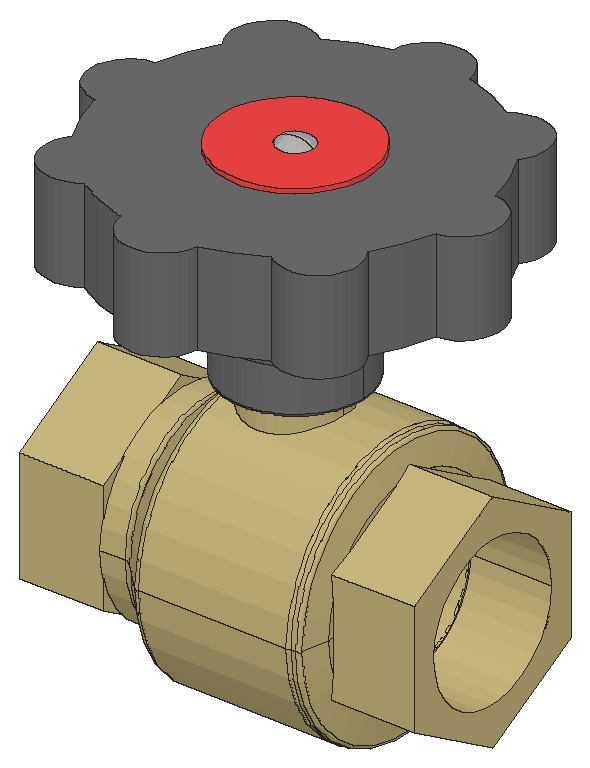
Revit family "QD30760000", category Apparecchi idraulici, Revit 2016
Family settings
  Tipo di parte = Normale
  Quota connettore circolare = Usa diametro
  Numero OmniClass = 23.45.00.00
  Titolo OmniClass = Sanitary, Laundry, and Cleaning Equipment
  Basato su piano di lavoro = No
  Sempre verticale = Sì
  Taglio con vuoti quando caricato = No
  Condiviso = No
  Punto di calcolo locali = No
Parameters
  URL = "https://web.cimberio.it/index.php/figura/1470?subcategoria_id=102"
  Produttore = "CIMBERIO SPA"
  Modello = "Cim 612CRNL"
  DN Model [instance] = QD30761040 : QD30761040
  DN [instance] = 40 mm
Reference planes
  plane 1 "Centro (Fronte/Retro)": y = 0
  plane 2: z = 0
  plane 3 "Centro (Sinistra/Destra)": x = 0
Dimensions and locks
  aligned and locked: level to plane 2
Nested families
  nested 1: "QD30761040" at (0, 0, 0), type <- "DN Model", type "QD30761040"
  nested 2: "QD30761040" at (0, 0, 0), type <- "DN Model", type "QD30761040"
  nested 3: "QD30761040" at (0, 0, 0), type <- "DN Model", type "QD30761040"
  nested 4: "QD30761040" at (0, 0, 0), type <- "DN Model", type "QD30761040"
  nested 5: "QD30761040" at (0, 0, 0), type <- "DN Model", type "QD30761040"
  nested 6: "QD30761040" at (0, 0, 0), type <- "DN Model", type "QD30761040"
Connectors
  piping at (53.05, 0, 0), diameter 40, driven by "DN"
    settings: on nested 1, index 1, connector inside diameter 609.6 mm, connector length 0 mm, flow factor 0, pipe flow 0.0 L/s, pressure drop 0.0 Pa, fitting loss kfactor 0, connector angle 0.00°, fixture units 0, engagement length 0 mm, angle of deflection 0.00°, flow configuration 0, flow direction 0, fitting loss method 0, system type 7, joint type 0, gender type 0, connector reference index -1, connector utility 0, adjustable connector no, is connector primary yes, connector description ""
  piping at (-53.05, 0, 0), diameter 40, driven by "DN"
    settings: on nested 1, index 2, connector inside diameter 609.6 mm, connector length 0 mm, flow factor 0, pipe flow 0.0 L/s, pressure drop 0.0 Pa, fitting loss kfactor 0, connector angle 0.00°, fixture units 0, engagement length 0 mm, angle of deflection 0.00°, flow configuration 0, flow direction 0, fitting loss method 0, system type 7, joint type 0, gender type 0, connector reference index -1, connector utility 0, adjustable connector no, is connector primary no, connector description ""
Definition of nested family "QD30761040"
  Reference planes
    plane 1 "Centro (Fronte/Retro)": y = 0
    plane 2: z = 0
    plane 3 "Centro (Sinistra/Destra)": x = 0
  Forms (mm)
    Revolve 1, solid
      sketch origin (0, 0, 0) x (0, 1, 0) y (-1, 0, 0)
        loop
          line (20, 30.5) -> (20, -31.059) -> (27.5, -31.059) -> (34.924, -29.75)
          arc (34.924, -29.75) -> (35.516, -29.408) -> (35.75, -28.765) r 1
          line (35.75, -28.765) -> (35.75, -27.29) -> (36, -26.357) -> (36, 13.372)
          arc (36, 13.372) -> (35.848, 14.137) -> (35.414, 14.786) r 2
          line (35.414, 14.786) -> (28.379, 21.821)
          arc (28.379, 21.821) -> (27.728, 22.795) -> (27.5, 23.943) r 3
          line (27.5, 23.943) -> (27.5, 30.5) -> (20, 30.5)
        axis (0, 30.5) -> (0, -31.059)
      angle from 0 to 360
    Extrusion 2, solid
      sketch origin (-16, 0, 0) x (0, 0, 1) y (0, 1, 0)
        loop
          circle (0, 0) r 20
        loop
          line (30.3, 0) -> (15.15, 26.241) -> (-15.15, 26.241) -> (-30.3, 0) -> (-15.15, -26.241) -> (15.15, -26.241) -> (30.3, 0)
      from 14.5 to 37.05
    Extrusion 3, solid
      sketch origin (16, 0, 0) x (0, 0, 1) y (0, -1, 0)
        loop
          circle (0, 0) r 20
        loop
          line (30.3, 0) -> (15.15, 26.241) -> (-15.15, 26.241) -> (-30.3, 0) -> (-15.15, -26.241) -> (15.15, -26.241) -> (30.3, 0)
      from 14.5 to 37.05
    Revolve 4, solid
      sketch origin (0, 0, 0) x (1, 0, 0) y (0, 0, 1)
        loop
          line (0, 54.3) -> (0, 27.935) -> (13, 27.935) -> (13, 42.5)
          arc (13, 42.5) -> (13.707, 42.793) -> (14, 43.5) r 1
          line (14, 43.5) -> (14, 54.3) -> (0, 54.3)
        axis (0, 54.3) -> (0, 27.935)
      angle from 0 to 360
    Extrusion 5, solid
      sketch origin (0, 0, 0) x (1, 0, 0) y (0, 0, 1)
        loop
          line (-19, 52.75) -> (-19, 30.773) -> (-11.752, 30.773) -> (-11.752, 52.75) -> (-19, 52.75)
      from 0 to 2.63
    Revolve 6, solid
      sketch origin (0, 0, 25) x (1, 0, 0) y (0, 0, 1)
        loop
          line (0, 45.7) -> (0, 16.3) -> (17.916, 16.3)
          arc (17.916, 16.3) -> (18.276, 16.448) -> (18.426, 16.807) r 0.51
          line (18.426, 16.807) -> (18.5, 28.297)
          arc (18.5, 28.297) -> (18.697, 29.236) -> (19.232, 30.032) r 2.5
          line (19.232, 30.032) -> (34.9, 45.7) -> (0, 45.7)
        axis (0, 45.7) -> (0, 16.3)
      angle from 0 to 360
    Extrusion 7, solid
      sketch origin (0, 0, 58.3) x (0, 1, 0) y (-1, 0, 0)
        loop
          arc (39.663, 25.215) -> (38.891, 38.891) -> (25.215, 39.663) r 10.282
          arc (25.215, 39.663) -> (17.986, 43.422) -> (10.216, 45.876) r 47
          arc (10.216, 45.876) -> (0, 55) -> (-10.216, 45.876) r 10.282
          arc (-10.216, 45.876) -> (-17.986, 43.422) -> (-25.215, 39.663) r 47
          arc (-25.215, 39.663) -> (-38.891, 38.891) -> (-39.663, 25.215) r 10.282
          arc (-39.663, 25.215) -> (-43.422, 17.986) -> (-45.876, 10.216) r 47
          arc (-45.876, 10.216) -> (-55, 0) -> (-45.876, -10.216) r 10.282
          arc (-45.876, -10.216) -> (-43.422, -17.986) -> (-39.663, -25.215) r 47
          arc (-39.663, -25.215) -> (-38.891, -38.891) -> (-25.215, -39.663) r 10.282
          arc (-25.215, -39.663) -> (-17.986, -43.422) -> (-10.216, -45.876) r 47
          arc (-10.216, -45.876) -> (0, -55) -> (10.216, -45.876) r 10.282
          arc (10.216, -45.876) -> (17.986, -43.422) -> (25.215, -39.663) r 47
          arc (25.215, -39.663) -> (38.891, -38.891) -> (39.663, -25.215) r 10.282
          arc (39.663, -25.215) -> (43.422, -17.986) -> (45.876, -10.216) r 47
          arc (45.876, -10.216) -> (55, 0) -> (45.876, 10.216) r 10.282
          arc (45.876, 10.216) -> (43.422, 17.986) -> (39.663, 25.215) r 47
        loop
          arc (9.875, -17.104) -> (19.077, 5.112) -> (0, 19.75) r 19.75
          arc (0, 19.75) -> (-19.077, -5.112) -> (9.875, -17.104) r 19.75
      from 12.4 to 37.4
    Extrusion 8, solid
      sketch origin (0, 0, 58.3) x (0, 1, 0) y (-1, 0, 0)
        loop
          arc (0, 19.75) -> (-19.077, -5.112) -> (9.875, -17.104) r 19.75
          arc (9.875, -17.104) -> (19.077, 5.112) -> (0, 19.75) r 19.75
      from 37.4 to 38.7
    Revolve 9, solid
      sketch origin (0, 0, 0) x (1, 0, 0) y (0, 0, 1)
        loop
          arc (4.63, 97) -> (2.449, 98.189) -> (0, 98.6) r 7.5
          line (0, 98.6) -> (0, 97) -> (4.63, 97)
        axis (0, 98.6) -> (0, 97)
      angle from 0 to 360
  Dimensions and locks
    aligned and locked: level to plane 2
